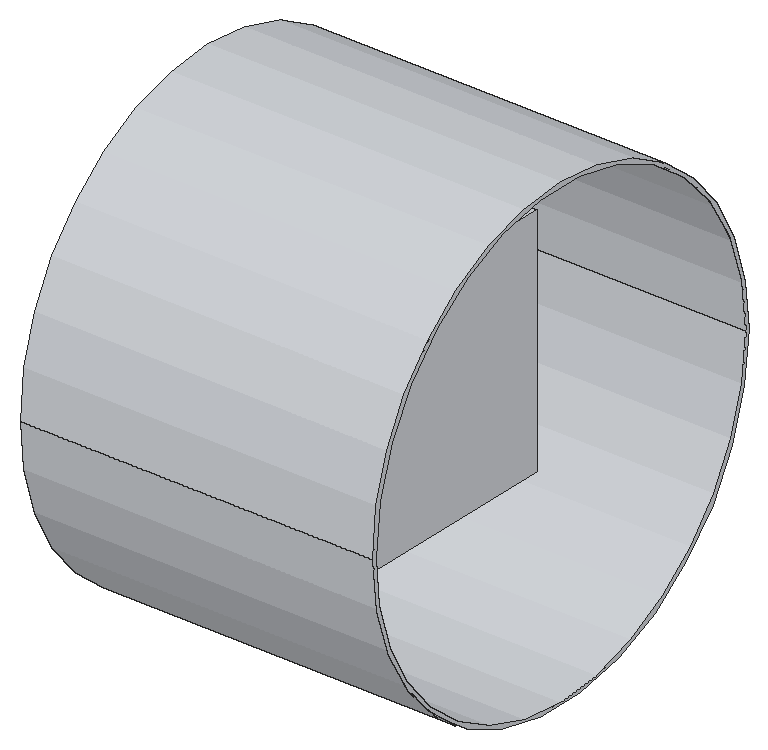
Revit family "RDS", category Duct Accessories, Revit 2021
Family settings
  Round Connector Dimension = Use Diameter
  Part Type = Attaches To
  Work Plane-Based = Yes
  Always vertical = Yes
  Cut with Voids When Loaded = No
  Shared = No
Parameters
  TS_Point_Description [instance] = "RDS"
  Length [instance] = 0' - 1 1/2"
  Inner Diameter [instance] = Diameter - 0' 0 1/32"  # 0' - 1 31/32"
  GTP_PointRole_0 [instance] = ""
  GTP_PointNumber_0 [instance] = ""
  GTP_PointElement_0 [instance] = ""
  GTP_LinkedParam_0 [instance] = "GTP_PointNumber_0"
  Diameter [instance] = 0' - 2"
  Default Elevation = 4' - 0"
Reference planes (in)
  plane 1 "Center (Front/Back)": y = 0
  plane 2: z = 0
  plane 3 "Center (Left/Right)": x = 0
  plane 4: x = 1.5
Forms (in)
  Extrusion 1, solid
    sketch origin (0, 0, 3) x (0, 1, 0) y (0, 0, 1)
      loop
        circle (0, -3) r 1
      loop
        circle (0, -3) r 0.98438
    from 1.5 to 0
Dimensions and locks (in)
  "Length": plane 3 "Center (Left/Right)" to plane 4
  "Diameter": diameter of Extrusion 1 sketch curve
  "Inner Diameter": diameter of Extrusion 1 sketch curve
  aligned and locked: plane 2 to level
  aligned and locked: Extrusion 1 to plane 4
  aligned and locked: plane 3 "Center (Left/Right)" to Extrusion 1
  aligned and locked: nested 1 to plane 3 "Center (Left/Right)"
Automatic sketch dimensions
  Extrusion 1 sketch curve to Extrusion 1 sketch curve = 0' - 0"  (x2)
  Extrusion 1 sketch curve to level = 0' - 0"
  Extrusion 1 sketch curve to plane 1 "Center (Front/Back)" = 0' - 0"
Nested families (in)
  nested 1: "GTP" at (0.5, 0, 0), PointNumber <- "GTP_PointNumber_0", PointRole <- "GTP_PointRole_0", PointElement <- "GTP_PointElement_0", LinkedParam <- "GTP_LinkedParam_0", PointDescription <- "TS_Point_Description", type "Generic Pt"
    with PointRole "", PointNumber "", PointElement "", PointDescription "RDS", LinkedParam "GTP_PointNumber_0"
Definition of nested family "GTP"
  Parameters (values of type "Generic Pt")
    URL = ""
    PointRole [instance] = "Stake Out"
    PointNumber [instance] = ""
    PointElement [instance] = ""
    PointDescription [instance] = "Generic Pt"
    Manufacturer = "Autodesk Inc."
    LinkedParam [instance] = ""
    Default Elevation = 0' - 0"
  Reference planes (in)
    plane 1 "Center (Front/Back)": y = 0
    plane 2: z = 0
    plane 3 "Center (Left/Right)": x = 0
  Forms (in)
    Extrusion 1, solid, detail levels medium+fine
      sketch origin (0, 0, 0) x (1, 0, 0) y (0, 1, 0)
        loop
          line (0.5, -0.5) -> (0.5, 0.5) -> (-0.5, 0.5) -> (-0.5, -0.5) -> (0.5, -0.5)
      from -0.5 to 0.5
  Lines and regions (in)
    model lines, detail levels coarse+medium
      curve 1: line (0, 0.5, 0) -> (0, 0, 0)
      curve 2: line (-0.5, 0, 0) -> (0, 0, 0)
      curve 3: line (0, 0, -0.5) -> (0, 0, 0)
      curve 4: line (0, 0, 0) -> (0.5, 0, 0)
      curve 5: line (0, 0, 0) -> (0, -0.5, 0)
      curve 6: line (0, 0, 0) -> (0, 0, 0.5)
